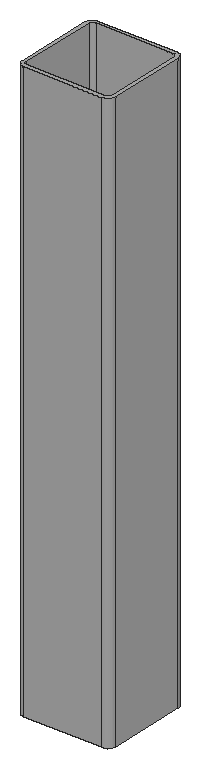
Revit family "Steel Column Rectangular and Square Hollow Sections", category Structural Columns, Revit 2015
Parameters (values of type "RHSS400x400x16")
  W = 1.8731
  Structural Material [instance] = Steel
  Assembly Code = ""
  Ht = 400 mm
  Shape = "Square"
  b = 400 mm
  kr = 2 * t  # 32 mm
  t = 16 mm
  A = 0.0243 m²
Reference planes
  plane 1 "Center (Front/Back)": y = 0
  plane 2: z = 0
  plane 3 "Center (Left/Right)": x = 0
  plane 4: x = -200
  plane 5: x = 200
  plane 6: y = 200
  plane 7: y = -200
  plane 8: x = -168
  plane 9: y = -168
  plane 10: y = 168
  plane 11: x = 168
Forms (mm)
  Extrusion 1, solid, material "Steel" <- "Structural Material", detail levels medium
    sketch origin (0, 0, 0) x (1, 0, 0) y (0, 1, 0)
      loop
        line (-200, 200) -> (-200, -200) -> (200, -200) -> (200, 200) -> (-200, 200)
      loop
        line (-184, 184) -> (-184, -184) -> (184, -184) -> (184, 184) -> (-184, 184)
    from 0 to 2500
  Extrusion 2, solid, material "Steel" <- "Structural Material", detail levels fine
    sketch origin (0, 0, 0) x (1, 0, 0) y (0, 1, 0)
      loop
        arc (-168, 200) -> (-190.627, 190.627) -> (-200, 168) r 32
        line (-200, 168) -> (-200, -168)
        arc (-200, -168) -> (-190.627, -190.627) -> (-168, -200) r 32
        line (-168, -200) -> (168, -200)
        arc (168, -200) -> (190.627, -190.627) -> (200, -168) r 32
        line (200, -168) -> (200, 168)
        arc (200, 168) -> (190.627, 190.627) -> (168, 200) r 32
        line (168, 200) -> (-168, 200)
      loop
        arc (-168, 184) -> (-179.314, 179.314) -> (-184, 168) r 16
        line (-184, 168) -> (-184, -168)
        arc (-184, -168) -> (-179.314, -179.314) -> (-168, -184) r 16
        line (-168, -184) -> (168, -184)
        arc (168, -184) -> (179.314, -179.314) -> (184, -168) r 16
        line (184, -168) -> (184, 168)
        arc (184, 168) -> (179.314, 179.314) -> (168, 184) r 16
        line (168, 184) -> (-168, 184)
    from 0 to 2500
Lines and regions (mm)
  symbolic lines, style "StructuralColumnStickSymbols", detail levels coarse
    curve 1: line (-200, 200, 0) -> (200, 200, 0)
    curve 2: line (-200, -200, 0) -> (200, -200, 0)
    curve 5: line (-200, 200, 0) -> (-200, -200, 0)
    curve 6: line (200, 200, 0) -> (200, -200, 0)
  symbolic lines, style "Hidden Faces", detail levels medium+fine
    curve 3: line (-184, 0, 0) -> (-184, 0, 2500)
    curve 4: line (184, 0, 2500) -> (184, 0, 0)
  model lines, style "Hidden Faces", detail levels medium+fine
    curve 7: line (0, -184, 2500) -> (0, -184, 0)
    curve 8: line (0, 184, 2500) -> (0, 184, 0)
Dimensions and locks
  equal spacing: plane 4, plane 3 "Center (Left/Right)", plane 5
  equal spacing: plane 7, plane 1 "Center (Front/Back)", plane 6
  "Ht": plane 7 to plane 6
  "b": plane 4 to plane 5
  "t": Extrusion 1 sketch curve to plane 5
  "t": plane 4 to Extrusion 1 sketch curve
  "t": Extrusion 1 sketch curve to plane 6
  "t": Extrusion 1 sketch curve to plane 7
  "t": Extrusion 2 sketch curve to plane 6
  "t": Extrusion 2 sketch curve to plane 5
  "t": plane 4 to Extrusion 2 sketch curve
  "t": Extrusion 2 sketch curve to plane 7
  "kr": plane 10 to plane 6
  "kr": plane 7 to plane 9
  "kr": plane 11 to plane 5
  "kr": plane 4 to plane 8
  aligned and locked: plane 6 to Extrusion 1 sketch curve
  aligned and locked: Extrusion 1 sketch curve to plane 7
  aligned and locked: Extrusion 1 sketch curve to plane 4
  aligned and locked: plane 5 to Extrusion 1 sketch curve
  aligned and locked: level to Extrusion 1
  aligned and locked: level to plane 2
  aligned and locked: Extrusion 1 to plane 2
  aligned and locked: curve 1 to Extrusion 2 sketch curve
  aligned and locked: Extrusion 2 sketch curve to Extrusion 1
  aligned and locked: level to Extrusion 2
  aligned and locked: curve 4 to Extrusion 2
  aligned and locked: Extrusion 2 to curve 3
  aligned and locked: level to curve 4
  aligned and locked: level to curve 3  (x2)
  aligned and locked: plane 2 to curve 4
  aligned and locked: level to curve 7  (x2)
  aligned and locked: level to curve 8  (x2)
  aligned and locked: curve 8 to Extrusion 1
  aligned and locked: curve 7 to Extrusion 1
  aligned and locked: Extrusion 2 to level
Automatic sketch dimensions
  Extrusion 2 sketch curve to plane 8 = 0 mm  (x4)
  Extrusion 2 sketch curve to plane 7 = 0 mm
  Extrusion 2 sketch curve to plane 11 = 0 mm
  Extrusion 2 sketch curve to plane 10 = 0 mm  (x2)
  Extrusion 2 sketch curve to plane 9 = 0 mm  (x2)
  curve 5 to plane 4 = 0 mm
  curve 2 to plane 5 = 0 mm
  curve 5 to plane 7 = 0 mm
  curve 5 to plane 6 = 0 mm
Types in the file's own list only (364): name | W | Ht | Shape | b | kr | t | A
  CFRR50x30x2 | 0.022653 | 50 mm | "Rectangular" | 30 mm | 4 mm | 2 mm | 0.00 m²
  CFRR50x30x2.5 | 0.027655 | 50 mm | "Rectangular" | 30 mm | 5 mm | 3 mm | 0.00 m²
  CFRR50x30x3 | 0.032362 | 50 mm | "Rectangular" | 30 mm | 6 mm | 3 mm | 0.00 m²
  CFRR50x30x4 | 0.041188 | 50 mm | "Rectangular" | 30 mm | 8 mm | 4 mm | 0.00 m²
  CFRR60x40x2 | 0.028733 | 60 mm | "Rectangular" | 40 mm | 4 mm | 2 mm | 0.00 m²
  CFRR60x40x2.5 | 0.035304 | 60 mm | "Rectangular" | 40 mm | 5 mm | 3 mm | 0.00 m²
  CFRR60x40x3 | 0.04158 | 60 mm | "Rectangular" | 40 mm | 6 mm | 3 mm | 0.00 m²
  CFRR60x40x4 | 0.053446 | 60 mm | "Rectangular" | 40 mm | 8 mm | 4 mm | 0.00 m²
  CFRR60x40x5 | 0.064332 | 60 mm | "Rectangular" | 40 mm | 10 mm | 5 mm | 0.00 m²
  CFRR70x50x2 | 0.034912 | 70 mm | "Rectangular" | 50 mm | 4 mm | 2 mm | 0.00 m²
  CFRR70x50x2.5 | 0.043051 | 70 mm | "Rectangular" | 50 mm | 5 mm | 3 mm | 0.00 m²
  CFRR70x50x3 | 0.050897 | 70 mm | "Rectangular" | 50 mm | 6 mm | 3 mm | 0.00 m²
  CFRR80x40x2.5 | 0.043051 | 80 mm | "Rectangular" | 40 mm | 5 mm | 3 mm | 0.00 m²
  CFRR80x40x3 | 0.050897 | 80 mm | "Rectangular" | 40 mm | 6 mm | 3 mm | 0.00 m²
  CFRR80x40x4 | 0.065803 | 80 mm | "Rectangular" | 40 mm | 8 mm | 4 mm | 0.00 m²
  CFRR80x40x5 | 0.080022 | 80 mm | "Rectangular" | 40 mm | 10 mm | 5 mm | 0.00 m²
  CFRR80x60x2 | 0.04109 | 80 mm | "Rectangular" | 60 mm | 4 mm | 2 mm | 0.00 m²
  CFRR80x60x2.5 | 0.0507 | 80 mm | "Rectangular" | 60 mm | 5 mm | 3 mm | 0.00 m²
  CFRR80x60x3 | 0.060115 | 80 mm | "Rectangular" | 60 mm | 6 mm | 3 mm | 0.00 m²
  CFRR80x60x4 | 0.078061 | 80 mm | "Rectangular" | 60 mm | 8 mm | 4 mm | 0.00 m²
  CFRR90x50x2.5 | 0.0507 | 90 mm | "Rectangular" | 50 mm | 5 mm | 3 mm | 0.00 m²
  CFRR90x50x3 | 0.060115 | 90 mm | "Rectangular" | 50 mm | 6 mm | 3 mm | 0.00 m²
  CFRR90x50x4 | 0.078061 | 90 mm | "Rectangular" | 50 mm | 8 mm | 4 mm | 0.00 m²
  CFRR90x50x5 | 0.095125 | 90 mm | "Rectangular" | 50 mm | 10 mm | 5 mm | 0.00 m²
  CFRR100x40x2.5 | 0.0507 | 100 mm | "Rectangular" | 40 mm | 5 mm | 3 mm | 0.00 m²
  CFRR100x40x4 | 0.078061 | 100 mm | "Rectangular" | 40 mm | 8 mm | 4 mm | 0.00 m²
  CFRR100x50x2.5 | 0.054525 | 100 mm | "Rectangular" | 50 mm | 5 mm | 3 mm | 0.00 m²
  CFRR100x50x3 | 0.064724 | 100 mm | "Rectangular" | 50 mm | 6 mm | 3 mm | 0.00 m²
  CFRR100x50x4 | 0.084239 | 100 mm | "Rectangular" | 50 mm | 8 mm | 4 mm | 0.00 m²
  CFRR100x50x5 | 0.102774 | 100 mm | "Rectangular" | 50 mm | 10 mm | 5 mm | 0.00 m²
  CFRR100x50x6.3 | 0.122681 | 100 mm | "Rectangular" | 50 mm | 13 mm | 6 mm | 0.00 m²
  CFRR100x60x2 | 0.047268 | 100 mm | "Rectangular" | 60 mm | 4 mm | 2 mm | 0.00 m²
  CFRR100x60x2.5 | 0.05835 | 100 mm | "Rectangular" | 60 mm | 5 mm | 3 mm | 0.00 m²
  CFRR100x60x3 | 0.069333 | 100 mm | "Rectangular" | 60 mm | 6 mm | 3 mm | 0.00 m²
  CFRR100x60x4 | 0.090417 | 100 mm | "Rectangular" | 60 mm | 8 mm | 4 mm | 0.00 m²
  CFRR100x60x5 | 0.110521 | 100 mm | "Rectangular" | 60 mm | 10 mm | 5 mm | 0.00 m²
  CFRR100x60x6.3 | 0.13239 | 100 mm | "Rectangular" | 60 mm | 13 mm | 6 mm | 0.00 m²
  CFRR100x80x3 | 0.078551 | 100 mm | "Rectangular" | 80 mm | 6 mm | 3 mm | 0.00 m²
  CFRR100x80x4 | 0.102676 | 100 mm | "Rectangular" | 80 mm | 8 mm | 4 mm | 0.00 m²
  CFRR100x80x5 | 0.125819 | 100 mm | "Rectangular" | 80 mm | 10 mm | 5 mm | 0.00 m²
  CFRR100x80x6 | 0.147982 | 100 mm | "Rectangular" | 80 mm | 12 mm | 6 mm | 0.00 m²
  CFRR120x60x3 | 0.078551 | 120 mm | "Rectangular" | 60 mm | 6 mm | 3 mm | 0.00 m²
  CFRR120x60x4 | 0.102676 | 120 mm | "Rectangular" | 60 mm | 8 mm | 4 mm | 0.00 m²
  CFRR120x60x5 | 0.125819 | 120 mm | "Rectangular" | 60 mm | 10 mm | 5 mm | 0.00 m²
  CFRR120x60x6.3 | 0.151807 | 120 mm | "Rectangular" | 60 mm | 13 mm | 6 mm | 0.00 m²
  CFRR120x80x3 | 0.08777 | 120 mm | "Rectangular" | 80 mm | 6 mm | 3 mm | 0.00 m²
  CFRR120x80x4 | 0.115032 | 120 mm | "Rectangular" | 80 mm | 8 mm | 4 mm | 0.00 m²
  CFRR120x80x5 | 0.141216 | 120 mm | "Rectangular" | 80 mm | 10 mm | 5 mm | 0.00 m²
  CFRR120x80x6 | 0.166419 | 120 mm | "Rectangular" | 80 mm | 12 mm | 6 mm | 0.00 m²
  CFRR120x80x6.3 | 0.171224 | 120 mm | "Rectangular" | 80 mm | 13 mm | 6 mm | 0.00 m²
  CFRR120x80x8 | 0.209568 | 120 mm | "Rectangular" | 80 mm | 16 mm | 8 mm | 0.00 m²
  CFRR140x70x4 | 0.12121 | 140 mm | "Rectangular" | 70 mm | 8 mm | 4 mm | 0.00 m²
  CFRR140x70x5 | 0.148963 | 140 mm | "Rectangular" | 70 mm | 10 mm | 5 mm | 0.00 m²
  CFRR140x80x3 | 0.096988 | 140 mm | "Rectangular" | 80 mm | 6 mm | 3 mm | 0.00 m²
  CFRR140x80x4 | 0.12729 | 140 mm | "Rectangular" | 80 mm | 8 mm | 4 mm | 0.00 m²
  CFRR140x80x5 | 0.156612 | 140 mm | "Rectangular" | 80 mm | 10 mm | 5 mm | 0.00 m²
  CFRR140x80x6 | 0.184855 | 140 mm | "Rectangular" | 80 mm | 12 mm | 6 mm | 0.00 m²
  CFRR140x80x6.3 | 0.190543 | 140 mm | "Rectangular" | 80 mm | 13 mm | 6 mm | 0.00 m²
  CFRR150x100x3 | 0.110815 | 150 mm | "Rectangular" | 100 mm | 6 mm | 3 mm | 0.00 m²
  CFRR150x100x4 | 0.145825 | 150 mm | "Rectangular" | 100 mm | 8 mm | 4 mm | 0.00 m²
  CFRR150x100x5 | 0.179756 | 150 mm | "Rectangular" | 100 mm | 10 mm | 5 mm | 0.00 m²
  CFRR150x100x6 | 0.212608 | 150 mm | "Rectangular" | 100 mm | 12 mm | 6 mm | 0.00 m²
  CFRR150x100x6.3 | 0.219669 | 150 mm | "Rectangular" | 100 mm | 13 mm | 6 mm | 0.00 m²
  CFRR150x100x8 | 0.271154 | 150 mm | "Rectangular" | 100 mm | 16 mm | 8 mm | 0.00 m²
  CFRR150x100x10 | 0.327542 | 150 mm | "Rectangular" | 100 mm | 20 mm | 10 mm | 0.00 m²
  CFRR160x80x4 | 0.139647 | 160 mm | "Rectangular" | 80 mm | 8 mm | 4 mm | 0.00 m²
  CFRR160x80x5 | 0.172009 | 160 mm | "Rectangular" | 80 mm | 10 mm | 5 mm | 0.00 m²
  CFRR160x80x6 | 0.203292 | 160 mm | "Rectangular" | 80 mm | 12 mm | 6 mm | 0.00 m²
  CFRR160x80x6.3 | 0.20996 | 160 mm | "Rectangular" | 80 mm | 13 mm | 6 mm | 0.00 m²
  CFRR160x80x8 | 0.258797 | 160 mm | "Rectangular" | 80 mm | 16 mm | 8 mm | 0.00 m²
  CFRR160x90x7.1 | 0.244284 | 160 mm | "Rectangular" | 90 mm | 14 mm | 7 mm | 0.00 m²
  CFRR180x100x5 | 0.202802 | 180 mm | "Rectangular" | 100 mm | 10 mm | 5 mm | 0.00 m²
  CFRR180x100x6 | 0.240263 | 180 mm | "Rectangular" | 100 mm | 12 mm | 6 mm | 0.00 m²
  CFRR180x100x6.3 | 0.248697 | 180 mm | "Rectangular" | 100 mm | 13 mm | 6 mm | 0.00 m²
  CFRR180x100x7.1 | 0.277038 | 180 mm | "Rectangular" | 100 mm | 14 mm | 7 mm | 0.00 m²
  CFRR180x100x8 | 0.308027 | 180 mm | "Rectangular" | 100 mm | 16 mm | 8 mm | 0.00 m²
  CFRR180x100x10 | 0.373633 | 180 mm | "Rectangular" | 100 mm | 20 mm | 10 mm | 0.00 m²
  CFRR200x80x6 | 0.240263 | 200 mm | "Rectangular" | 80 mm | 12 mm | 6 mm | 0.00 m²
  CFRR200x100x5 | 0.218198 | 200 mm | "Rectangular" | 100 mm | 10 mm | 5 mm | 0.00 m²
  CFRR200x100x6 | 0.258699 | 200 mm | "Rectangular" | 100 mm | 12 mm | 6 mm | 0.00 m²
  CFRR200x100x6.3 | 0.268114 | 200 mm | "Rectangular" | 100 mm | 13 mm | 6 mm | 0.00 m²
  CFRR200x100x8 | 0.332642 | 200 mm | "Rectangular" | 100 mm | 16 mm | 8 mm | 0.00 m²
  CFRR200x100x10 | 0.404426 | 200 mm | "Rectangular" | 100 mm | 20 mm | 10 mm | 0.01 m²
  CFRR200x120x5 | 0.233594 | 200 mm | "Rectangular" | 120 mm | 10 mm | 5 mm | 0.00 m²
  CFRR200x120x6 | 0.277234 | 200 mm | "Rectangular" | 120 mm | 12 mm | 6 mm | 0.00 m²
  CFRR200x120x6.3 | 0.287531 | 200 mm | "Rectangular" | 120 mm | 13 mm | 6 mm | 0.00 m²
  CFRR200x120x8 | 0.357256 | 200 mm | "Rectangular" | 120 mm | 16 mm | 8 mm | 0.00 m²
  CFRR200x120x10 | 0.435219 | 200 mm | "Rectangular" | 120 mm | 20 mm | 10 mm | 0.01 m²
  CFRR220x120x6 | 0.29567 | 220 mm | "Rectangular" | 120 mm | 12 mm | 6 mm | 0.00 m²
  CFRR220x120x8 | 0.381871 | 220 mm | "Rectangular" | 120 mm | 16 mm | 8 mm | 0.00 m²
  CFRR220x120x10 | 0.466012 | 220 mm | "Rectangular" | 120 mm | 20 mm | 10 mm | 0.01 m²
  CFRR250x150x5 | 0.295082 | 250 mm | "Rectangular" | 150 mm | 10 mm | 5 mm | 0.00 m²
  CFRR250x150x6 | 0.351078 | 250 mm | "Rectangular" | 150 mm | 12 mm | 6 mm | 0.00 m²
  CFRR250x150x6.3 | 0.365004 | 250 mm | "Rectangular" | 150 mm | 13 mm | 6 mm | 0.00 m²
  CFRR250x150x8 | 0.455715 | 250 mm | "Rectangular" | 150 mm | 16 mm | 8 mm | 0.01 m²
  CFRR250x150x10 | 0.558293 | 250 mm | "Rectangular" | 150 mm | 20 mm | 10 mm | 0.01 m²
  CFRR250x150x12.5 | 0.669598 | 250 mm | "Rectangular" | 150 mm | 25 mm | 13 mm | 0.01 m²
  CFRR260x140x6 | 0.351078 | 260 mm | "Rectangular" | 140 mm | 12 mm | 6 mm | 0.00 m²
  CFRR260x140x8 | 0.455715 | 260 mm | "Rectangular" | 140 mm | 16 mm | 8 mm | 0.01 m²
  CFRR260x140x10 | 0.558293 | 260 mm | "Rectangular" | 140 mm | 20 mm | 10 mm | 0.01 m²
  CFRR260x180x6 | 0.387951 | 260 mm | "Rectangular" | 180 mm | 12 mm | 6 mm | 0.01 m²
  CFRR260x180x8 | 0.504944 | 260 mm | "Rectangular" | 180 mm | 16 mm | 8 mm | 0.01 m²
  CFRR260x180x10 | 0.619878 | 260 mm | "Rectangular" | 180 mm | 20 mm | 10 mm | 0.01 m²
  CFRR300x100x5 | 0.295082 | 300 mm | "Rectangular" | 100 mm | 10 mm | 5 mm | 0.00 m²
  CFRR300x100x6 | 0.351078 | 300 mm | "Rectangular" | 100 mm | 12 mm | 6 mm | 0.00 m²
  CFRR300x100x8 | 0.455715 | 300 mm | "Rectangular" | 100 mm | 16 mm | 8 mm | 0.01 m²
  CFRR300x200x6 | 0.443359 | 300 mm | "Rectangular" | 200 mm | 12 mm | 6 mm | 0.01 m²
  CFRR300x200x6.3 | 0.461991 | 300 mm | "Rectangular" | 200 mm | 13 mm | 6 mm | 0.01 m²
  CFRR300x200x8 | 0.578887 | 300 mm | "Rectangular" | 200 mm | 16 mm | 8 mm | 0.01 m²
  CFRR300x200x10 | 0.712159 | 300 mm | "Rectangular" | 200 mm | 20 mm | 10 mm | 0.01 m²
  CFRR300x200x12.5 | 0.862005 | 300 mm | "Rectangular" | 200 mm | 25 mm | 13 mm | 0.01 m²
  CFRR400x200x6 | 0.535639 | 400 mm | "Rectangular" | 200 mm | 12 mm | 6 mm | 0.01 m²
  CFRR400x200x6.3 | 0.558881 | 400 mm | "Rectangular" | 200 mm | 13 mm | 6 mm | 0.01 m²
  CFRR400x200x8 | 0.70196 | 400 mm | "Rectangular" | 200 mm | 16 mm | 8 mm | 0.01 m²
  CFRR400x200x10 | 0.866025 | 400 mm | "Rectangular" | 200 mm | 20 mm | 10 mm | 0.01 m²
  CFRR400x200x12.5 | 1.054313 | 400 mm | "Rectangular" | 200 mm | 25 mm | 13 mm | 0.01 m²
  CFRS30x30x3 | 0.023144 | 30 mm | "Square" | 30 mm | 6 mm | 3 mm | 0.00 m²
  CFRS40x40x2 | 0.022653 | 40 mm | "Square" | 40 mm | 4 mm | 2 mm | 0.00 m²
  CFRS40x40x2.5 | 0.027655 | 40 mm | "Square" | 40 mm | 5 mm | 3 mm | 0.00 m²
  CFRS40x40x3 | 0.032362 | 40 mm | "Square" | 40 mm | 6 mm | 3 mm | 0.00 m²
  CFRS40x40x4 | 0.041188 | 40 mm | "Square" | 40 mm | 8 mm | 4 mm | 0.00 m²
  CFRS50x50x2 | 0.028733 | 50 mm | "Square" | 50 mm | 4 mm | 2 mm | 0.00 m²
  CFRS50x50x2.5 | 0.035304 | 50 mm | "Square" | 50 mm | 5 mm | 3 mm | 0.00 m²
  CFRS50x50x3 | 0.04158 | 50 mm | "Square" | 50 mm | 6 mm | 3 mm | 0.00 m²
  CFRS50x50x4 | 0.053446 | 50 mm | "Square" | 50 mm | 8 mm | 4 mm | 0.00 m²
  CFRS50x50x5 | 0.064332 | 50 mm | "Square" | 50 mm | 10 mm | 5 mm | 0.00 m²
  CFRS60x60x2.5 | 0.043051 | 60 mm | "Square" | 60 mm | 5 mm | 3 mm | 0.00 m²
  CFRS60x60x3 | 0.050897 | 60 mm | "Square" | 60 mm | 6 mm | 3 mm | 0.00 m²
  CFRS60x60x4 | 0.065803 | 60 mm | "Square" | 60 mm | 8 mm | 4 mm | 0.00 m²
  CFRS60x60x5 | 0.079728 | 60 mm | "Square" | 60 mm | 10 mm | 5 mm | 0.00 m²
  CFRS70x70x2 | 0.04109 | 70 mm | "Square" | 70 mm | 4 mm | 2 mm | 0.00 m²
  CFRS70x70x2.5 | 0.0507 | 70 mm | "Square" | 70 mm | 5 mm | 3 mm | 0.00 m²
  CFRS70x70x3 | 0.060115 | 70 mm | "Square" | 70 mm | 6 mm | 3 mm | 0.00 m²
  CFRS70x70x4 | 0.078061 | 70 mm | "Square" | 70 mm | 8 mm | 4 mm | 0.00 m²
  CFRS70x70x5 | 0.095125 | 70 mm | "Square" | 70 mm | 10 mm | 5 mm | 0.00 m²
  CFRS80x80x2.5 | 0.05835 | 80 mm | "Square" | 80 mm | 5 mm | 3 mm | 0.00 m²
  CFRS80x80x3 | 0.069333 | 80 mm | "Square" | 80 mm | 6 mm | 3 mm | 0.00 m²
  CFRS80x80x4 | 0.090417 | 80 mm | "Square" | 80 mm | 8 mm | 4 mm | 0.00 m²
  CFRS80x80x5 | 0.110521 | 80 mm | "Square" | 80 mm | 10 mm | 5 mm | 0.00 m²
  CFRS80x80x6.3 | 0.13239 | 80 mm | "Square" | 80 mm | 13 mm | 6 mm | 0.00 m²
  CFRS90x90x2.5 | 0.066097 | 90 mm | "Square" | 90 mm | 5 mm | 3 mm | 0.00 m²
  CFRS90x90x3 | 0.078551 | 90 mm | "Square" | 90 mm | 6 mm | 3 mm | 0.00 m²
  CFRS90x90x4 | 0.102676 | 90 mm | "Square" | 90 mm | 8 mm | 4 mm | 0.00 m²
  CFRS90x90x5 | 0.125819 | 90 mm | "Square" | 90 mm | 10 mm | 5 mm | 0.00 m²
  CFRS90x90x6 | 0.147982 | 90 mm | "Square" | 90 mm | 12 mm | 6 mm | 0.00 m²
  CFRS90x90x6.3 | 0.151807 | 90 mm | "Square" | 90 mm | 13 mm | 6 mm | 0.00 m²
  CFRS100x100x2.5 | 0.073746 | 100 mm | "Square" | 100 mm | 5 mm | 3 mm | 0.00 m²
  CFRS100x100x3 | 0.08777 | 100 mm | "Square" | 100 mm | 6 mm | 3 mm | 0.00 m²
  CFRS100x100x4 | 0.115032 | 100 mm | "Square" | 100 mm | 8 mm | 4 mm | 0.00 m²
  CFRS100x100x5 | 0.141216 | 100 mm | "Square" | 100 mm | 10 mm | 5 mm | 0.00 m²
  CFRS100x100x6 | 0.166419 | 100 mm | "Square" | 100 mm | 12 mm | 6 mm | 0.00 m²
  CFRS100x100x6.3 | 0.171224 | 100 mm | "Square" | 100 mm | 13 mm | 6 mm | 0.00 m²
  CFRS100x100x8 | 0.209568 | 100 mm | "Square" | 100 mm | 16 mm | 8 mm | 0.00 m²
  CFRS100x100x10 | 0.25056 | 100 mm | "Square" | 100 mm | 20 mm | 10 mm | 0.00 m²
  CFRS110x110x3 | 0.096988 | 110 mm | "Square" | 110 mm | 6 mm | 3 mm | 0.00 m²
  CFRS110x110x4 | 0.12729 | 110 mm | "Square" | 110 mm | 8 mm | 4 mm | 0.00 m²
  CFRS110x110x5 | 0.156612 | 110 mm | "Square" | 110 mm | 10 mm | 5 mm | 0.00 m²
  CFRS110x110x6 | 0.184855 | 110 mm | "Square" | 110 mm | 12 mm | 6 mm | 0.00 m²
  CFRS120x120x3 | 0.106206 | 120 mm | "Square" | 120 mm | 6 mm | 3 mm | 0.00 m²
  CFRS120x120x4 | 0.139647 | 120 mm | "Square" | 120 mm | 8 mm | 4 mm | 0.00 m²
  CFRS120x120x5 | 0.190935 | 120 mm | "Square" | 120 mm | 10 mm | 5 mm | 0.00 m²
  CFRS120x120x5.6 | 0.203292 | 120 mm | "Square" | 120 mm | 11 mm | 6 mm | 0.00 m²
  CFRS120x120x6 | 0.20996 | 120 mm | "Square" | 120 mm | 12 mm | 6 mm | 0.00 m²
  CFRS120x120x6.3 | 0.20996 | 120 mm | "Square" | 120 mm | 13 mm | 6 mm | 0.00 m²
  CFRS120x120x8 | 0.258797 | 120 mm | "Square" | 120 mm | 16 mm | 8 mm | 0.00 m²
  CFRS120x120x10 | 0.312146 | 120 mm | "Square" | 120 mm | 20 mm | 10 mm | 0.00 m²
  CFRS140x140x4 | 0.164261 | 140 mm | "Square" | 140 mm | 8 mm | 4 mm | 0.00 m²
  CFRS140x140x5 | 0.202802 | 140 mm | "Square" | 140 mm | 10 mm | 5 mm | 0.00 m²
  CFRS140x140x5.6 | 0.225455 | 140 mm | "Square" | 140 mm | 11 mm | 6 mm | 0.00 m²
  CFRS140x140x6 | 0.240263 | 140 mm | "Square" | 140 mm | 12 mm | 6 mm | 0.00 m²
  CFRS140x140x6.3 | 0.248697 | 140 mm | "Square" | 140 mm | 13 mm | 6 mm | 0.00 m²
  CFRS140x140x7.1 | 0.277038 | 140 mm | "Square" | 140 mm | 14 mm | 7 mm | 0.00 m²
  CFRS140x140x8 | 0.308027 | 140 mm | "Square" | 140 mm | 16 mm | 8 mm | 0.00 m²
  CFRS140x140x8.8 | 0.334799 | 140 mm | "Square" | 140 mm | 18 mm | 9 mm | 0.00 m²
  CFRS140x140x10 | 0.373633 | 140 mm | "Square" | 140 mm | 20 mm | 10 mm | 0.00 m²
  CFRS150x150x4 | 0.17652 | 150 mm | "Square" | 150 mm | 8 mm | 4 mm | 0.00 m²
  CFRS150x150x5 | 0.218198 | 150 mm | "Square" | 150 mm | 10 mm | 5 mm | 0.00 m²
  CFRS150x150x6 | 0.258699 | 150 mm | "Square" | 150 mm | 12 mm | 6 mm | 0.00 m²
  CFRS150x150x6.3 | 0.268114 | 150 mm | "Square" | 150 mm | 13 mm | 6 mm | 0.00 m²
  CFRS150x150x8 | 0.332642 | 150 mm | "Square" | 150 mm | 16 mm | 8 mm | 0.00 m²
  CFRS150x150x10 | 0.404426 | 150 mm | "Square" | 150 mm | 20 mm | 10 mm | 0.01 m²
  CFRS160x160x5 | 0.233594 | 160 mm | "Square" | 160 mm | 10 mm | 5 mm | 0.00 m²
  CFRS160x160x6 | 0.277234 | 160 mm | "Square" | 160 mm | 12 mm | 6 mm | 0.00 m²
  CFRS160x160x6.3 | 0.287531 | 160 mm | "Square" | 160 mm | 13 mm | 6 mm | 0.00 m²
  CFRS160x160x8 | 0.357256 | 160 mm | "Square" | 160 mm | 16 mm | 8 mm | 0.00 m²
  CFRS160x160x10 | 0.435219 | 160 mm | "Square" | 160 mm | 20 mm | 10 mm | 0.01 m²
  CFRS160x160x12.5 | 0.515732 | 160 mm | "Square" | 160 mm | 25 mm | 13 mm | 0.01 m²
  CFRS180x180x5 | 0.264387 | 180 mm | "Square" | 180 mm | 10 mm | 5 mm | 0.00 m²
  CFRS180x180x6 | 0.314107 | 180 mm | "Square" | 180 mm | 12 mm | 6 mm | 0.00 m²
  CFRS180x180x6.3 | 0.326267 | 180 mm | "Square" | 180 mm | 13 mm | 6 mm | 0.00 m²
  CFRS180x180x8 | 0.406486 | 180 mm | "Square" | 180 mm | 16 mm | 8 mm | 0.01 m²
  CFRS180x180x10 | 0.496805 | 180 mm | "Square" | 180 mm | 20 mm | 10 mm | 0.01 m²
  CFRS180x180x12.5 | 0.592714 | 180 mm | "Square" | 180 mm | 25 mm | 13 mm | 0.01 m²
  CFRS200x200x5 | 0.295082 | 200 mm | "Square" | 200 mm | 10 mm | 5 mm | 0.00 m²
  CFRS200x200x6 | 0.351078 | 200 mm | "Square" | 200 mm | 12 mm | 6 mm | 0.00 m²
  CFRS200x200x6.3 | 0.365004 | 200 mm | "Square" | 200 mm | 13 mm | 6 mm | 0.00 m²
  CFRS200x200x8 | 0.455715 | 200 mm | "Square" | 200 mm | 16 mm | 8 mm | 0.01 m²
  CFRS200x200x10 | 0.558293 | 200 mm | "Square" | 200 mm | 20 mm | 10 mm | 0.01 m²
  CFRS200x200x12.5 | 0.669598 | 200 mm | "Square" | 200 mm | 25 mm | 13 mm | 0.01 m²
  CFRS220x220x6 | 0.387951 | 220 mm | "Square" | 220 mm | 12 mm | 6 mm | 0.01 m²
  CFRS220x220x6.3 | 0.403838 | 220 mm | "Square" | 220 mm | 13 mm | 6 mm | 0.01 m²
  CFRS220x220x8 | 0.504944 | 220 mm | "Square" | 220 mm | 16 mm | 8 mm | 0.01 m²
  CFRS220x220x10 | 0.619878 | 220 mm | "Square" | 220 mm | 20 mm | 10 mm | 0.01 m²
  CFRS250x250x6 | 0.443359 | 250 mm | "Square" | 250 mm | 12 mm | 6 mm | 0.01 m²
  CFRS250x250x6.3 | 0.461991 | 250 mm | "Square" | 250 mm | 13 mm | 6 mm | 0.01 m²
  CFRS250x250x8 | 0.578887 | 250 mm | "Square" | 250 mm | 16 mm | 8 mm | 0.01 m²
  CFRS250x250x10 | 0.712159 | 250 mm | "Square" | 250 mm | 20 mm | 10 mm | 0.01 m²
  CFRS250x250x12.5 | 0.862005 | 250 mm | "Square" | 250 mm | 25 mm | 13 mm | 0.01 m²
  CFRS260x260x7.1 | 0.539268 | 260 mm | "Square" | 260 mm | 14 mm | 7 mm | 0.01 m²
  CFRS260x260x8.8 | 0.659791 | 260 mm | "Square" | 260 mm | 18 mm | 9 mm | 0.01 m²
  CFRS260x260x11 | 0.802969 | 260 mm | "Square" | 260 mm | 22 mm | 11 mm | 0.01 m²
  CFRS300x300x6 | 0.535639 | 300 mm | "Square" | 300 mm | 12 mm | 6 mm | 0.01 m²
  CFRS300x300x8 | 0.70196 | 300 mm | "Square" | 300 mm | 16 mm | 8 mm | 0.01 m²
  CFRS300x300x10 | 0.866025 | 300 mm | "Square" | 300 mm | 20 mm | 10 mm | 0.01 m²
  CFRS300x300x12.5 | 1.054313 | 300 mm | "Square" | 300 mm | 25 mm | 13 mm | 0.01 m²
  RHSR50x30x2.5 | 0.028341 | 50 mm | "Rectangular" | 30 mm | 5 mm | 3 mm | 0.00 m²
  RHSR50x30x3 | 0.033343 | 50 mm | "Rectangular" | 30 mm | 6 mm | 3 mm | 0.00 m²
  RHSR50x30x4 | 0.043051 | 50 mm | "Rectangular" | 30 mm | 8 mm | 4 mm | 0.00 m²
  RHSR60x40x3 | 0.042659 | 60 mm | "Rectangular" | 40 mm | 6 mm | 3 mm | 0.00 m²
  RHSR60x40x4 | 0.05531 | 60 mm | "Rectangular" | 40 mm | 8 mm | 4 mm | 0.00 m²
  RHSR70x40x4 | 0.061488 | 70 mm | "Rectangular" | 40 mm | 8 mm | 4 mm | 0.00 m²
  RHSR80x40x3 | 0.051877 | 80 mm | "Rectangular" | 40 mm | 6 mm | 3 mm | 0.00 m²
  RHSR80x40x4 | 0.067666 | 80 mm | "Rectangular" | 40 mm | 8 mm | 4 mm | 0.00 m²
  RHSR80x40x5 | 0.082278 | 80 mm | "Rectangular" | 40 mm | 10 mm | 5 mm | 0.00 m²
  RHSR90x50x3.6 | 0.072471 | 90 mm | "Rectangular" | 50 mm | 7 mm | 4 mm | 0.00 m²
  RHSR90x50x4 | 0.080022 | 90 mm | "Rectangular" | 50 mm | 8 mm | 4 mm | 0.00 m²
  RHSR90x50x5 | 0.097674 | 90 mm | "Rectangular" | 50 mm | 10 mm | 5 mm | 0.00 m²
  RHSR100x50x3 | 0.065705 | 100 mm | "Rectangular" | 50 mm | 6 mm | 3 mm | 0.00 m²
  RHSR100x50x3.6 | 0.077669 | 100 mm | "Rectangular" | 50 mm | 7 mm | 4 mm | 0.00 m²
  RHSR100x50x4 | 0.0862 | 100 mm | "Rectangular" | 50 mm | 8 mm | 4 mm | 0.00 m²
  RHSR100x50x5 | 0.105421 | 100 mm | "Rectangular" | 50 mm | 10 mm | 5 mm | 0.00 m²
  RHSR100x50x5.6 | 0.116895 | 100 mm | "Rectangular" | 50 mm | 11 mm | 6 mm | 0.00 m²
  RHSR100x50x6.3 | 0.130036 | 100 mm | "Rectangular" | 50 mm | 13 mm | 6 mm | 0.00 m²
  RHSR100x50x8 | 0.160045 | 100 mm | "Rectangular" | 50 mm | 16 mm | 8 mm | 0.00 m²
  RHSR100x60x3.6 | 0.083847 | 100 mm | "Rectangular" | 60 mm | 7 mm | 4 mm | 0.00 m²
  RHSR100x60x4 | 0.092281 | 100 mm | "Rectangular" | 60 mm | 8 mm | 4 mm | 0.00 m²
  RHSR100x60x5 | 0.113071 | 100 mm | "Rectangular" | 60 mm | 10 mm | 5 mm | 0.00 m²
  RHSR100x60x5.6 | 0.125427 | 100 mm | "Rectangular" | 60 mm | 11 mm | 6 mm | 0.00 m²
  RHSR100x60x6.3 | 0.139254 | 100 mm | "Rectangular" | 60 mm | 13 mm | 6 mm | 0.00 m²
  RHSR120x60x3.6 | 0.094634 | 120 mm | "Rectangular" | 60 mm | 7 mm | 4 mm | 0.00 m²
  RHSR120x60x4 | 0.104637 | 120 mm | "Rectangular" | 60 mm | 8 mm | 4 mm | 0.00 m²
  RHSR120x60x5 | 0.128467 | 120 mm | "Rectangular" | 60 mm | 10 mm | 5 mm | 0.00 m²
  RHSR120x60x6.3 | 0.15926 | 120 mm | "Rectangular" | 60 mm | 13 mm | 6 mm | 0.00 m²
  RHSR120x80x4 | 0.116895 | 120 mm | "Rectangular" | 80 mm | 8 mm | 4 mm | 0.00 m²
  RHSR120x80x5 | 0.143864 | 120 mm | "Rectangular" | 80 mm | 10 mm | 5 mm | 0.00 m²
  RHSR120x80x6.3 | 0.178481 | 120 mm | "Rectangular" | 80 mm | 13 mm | 6 mm | 0.00 m²
  RHSR120x80x8 | 0.221532 | 120 mm | "Rectangular" | 80 mm | 16 mm | 8 mm | 0.00 m²
  RHSR140x70x4 | 0.123073 | 140 mm | "Rectangular" | 70 mm | 8 mm | 4 mm | 0.00 m²
  RHSR140x70x5 | 0.151513 | 140 mm | "Rectangular" | 70 mm | 10 mm | 5 mm | 0.00 m²
  RHSR140x70x6.3 | 0.187699 | 140 mm | "Rectangular" | 70 mm | 13 mm | 6 mm | 0.00 m²
  RHSR140x80x4 | 0.129252 | 140 mm | "Rectangular" | 80 mm | 8 mm | 4 mm | 0.00 m²
  RHSR140x80x6.3 | 0.197702 | 140 mm | "Rectangular" | 80 mm | 13 mm | 6 mm | 0.00 m²
  RHSR150x100x4 | 0.147688 | 150 mm | "Rectangular" | 100 mm | 8 mm | 4 mm | 0.00 m²
  RHSR150x100x5 | 0.182306 | 150 mm | "Rectangular" | 100 mm | 10 mm | 5 mm | 0.00 m²
  RHSR150x100x6.3 | 0.226926 | 150 mm | "Rectangular" | 100 mm | 13 mm | 6 mm | 0.00 m²
  RHSR150x100x8 | 0.283118 | 150 mm | "Rectangular" | 100 mm | 16 mm | 8 mm | 0.00 m²
  RHSR150x100x10 | 0.34539 | 150 mm | "Rectangular" | 100 mm | 20 mm | 10 mm | 0.00 m²
  RHSR160x80x4 | 0.14151 | 160 mm | "Rectangular" | 80 mm | 8 mm | 4 mm | 0.00 m²
  RHSR160x80x5 | 0.174656 | 160 mm | "Rectangular" | 80 mm | 10 mm | 5 mm | 0.00 m²
  RHSR160x80x6.3 | 0.270762 | 160 mm | "Rectangular" | 80 mm | 13 mm | 6 mm | 0.00 m²
  RHSR160x80x8 | 0.330092 | 160 mm | "Rectangular" | 80 mm | 16 mm | 8 mm | 0.00 m²
  RHSR160x80x10 | 0.182306 | 160 mm | "Rectangular" | 80 mm | 20 mm | 10 mm | 0.00 m²
  RHSR160x90x5 | 0.182306 | 160 mm | "Rectangular" | 90 mm | 10 mm | 5 mm | 0.00 m²
  RHSR160x90x7.1 | 0.25311 | 160 mm | "Rectangular" | 90 mm | 14 mm | 7 mm | 0.00 m²
  RHSR160x90x8 | 0.283118 | 160 mm | "Rectangular" | 90 mm | 16 mm | 8 mm | 0.00 m²
  RHSR180x100x5.6 | 0.229279 | 180 mm | "Rectangular" | 100 mm | 11 mm | 6 mm | 0.00 m²
  RHSR180x100x6.3 | 0.25615 | 180 mm | "Rectangular" | 100 mm | 13 mm | 6 mm | 0.00 m²
  RHSR180x100x7.1 | 0.286158 | 180 mm | "Rectangular" | 100 mm | 14 mm | 7 mm | 0.00 m²
  RHSR180x100x8 | 0.320089 | 180 mm | "Rectangular" | 100 mm | 16 mm | 8 mm | 0.00 m²
  RHSR180x100x10 | 0.39158 | 180 mm | "Rectangular" | 100 mm | 20 mm | 10 mm | 0.01 m²
  RHSR200x100x5 | 0.220846 | 200 mm | "Rectangular" | 100 mm | 10 mm | 5 mm | 0.00 m²
  RHSR200x100x6.3 | 0.275469 | 200 mm | "Rectangular" | 100 mm | 13 mm | 6 mm | 0.00 m²
  RHSR200x100x8 | 0.344704 | 200 mm | "Rectangular" | 100 mm | 16 mm | 8 mm | 0.00 m²
  RHSR200x100x10 | 0.422372 | 200 mm | "Rectangular" | 100 mm | 20 mm | 10 mm | 0.01 m²
  RHSR200x100x12.5 | 0.516222 | 200 mm | "Rectangular" | 100 mm | 25 mm | 13 mm | 0.01 m²
  RHSR200x120x6.3 | 0.29469 | 200 mm | "Rectangular" | 120 mm | 13 mm | 6 mm | 0.00 m²
  RHSR200x120x8 | 0.369318 | 200 mm | "Rectangular" | 120 mm | 16 mm | 8 mm | 0.00 m²
  RHSR200x120x10 | 0.453165 | 200 mm | "Rectangular" | 120 mm | 20 mm | 10 mm | 0.01 m²
  RHSR220x120x6.3 | 0.313911 | 220 mm | "Rectangular" | 120 mm | 13 mm | 6 mm | 0.00 m²
  RHSR220x120x8 | 0.393933 | 220 mm | "Rectangular" | 120 mm | 16 mm | 8 mm | 0.01 m²
  RHSR220x120x10 | 0.483958 | 220 mm | "Rectangular" | 120 mm | 20 mm | 10 mm | 0.01 m²
  RHSR250x150x6.3 | 0.372359 | 250 mm | "Rectangular" | 150 mm | 13 mm | 6 mm | 0.00 m²
  RHSR250x150x8 | 0.467777 | 250 mm | "Rectangular" | 150 mm | 16 mm | 8 mm | 0.01 m²
  RHSR250x150x10 | 0.576239 | 250 mm | "Rectangular" | 150 mm | 20 mm | 10 mm | 0.01 m²
  RHSR250x150x12.5 | 0.70853 | 250 mm | "Rectangular" | 150 mm | 25 mm | 13 mm | 0.01 m²
  RHSR260x140x6.3 | 0.372359 | 260 mm | "Rectangular" | 140 mm | 13 mm | 6 mm | 0.00 m²
  RHSR260x140x8 | 0.467777 | 260 mm | "Rectangular" | 140 mm | 16 mm | 8 mm | 0.01 m²
  RHSR300x200x6.3 | 0.469248 | 300 mm | "Rectangular" | 200 mm | 13 mm | 6 mm | 0.01 m²
  RHSR300x200x8 | 0.590851 | 300 mm | "Rectangular" | 200 mm | 16 mm | 8 mm | 0.01 m²
  RHSR300x200x10 | 0.730105 | 300 mm | "Rectangular" | 200 mm | 20 mm | 10 mm | 0.01 m²
  RHSR300x200x12.5 | 0.900152 | 300 mm | "Rectangular" | 200 mm | 25 mm | 13 mm | 0.01 m²
  RHSR400x200x10 | 0.884756 | 400 mm | "Rectangular" | 200 mm | 20 mm | 10 mm | 0.01 m²
  RHSR400x200x12.5 | 1.092461 | 400 mm | "Rectangular" | 200 mm | 25 mm | 13 mm | 0.01 m²
  RHSR400x200x16 | 1.377148 | 400 mm | "Rectangular" | 200 mm | 32 mm | 16 mm | 0.02 m²
  RHSR400x250x10 | 1.038622 | 400 mm | "Rectangular" | 250 mm | 20 mm | 10 mm | 0.01 m²
  RHSR400x250x12.5 | 1.284769 | 400 mm | "Rectangular" | 250 mm | 25 mm | 13 mm | 0.02 m²
  RHSR400x250x16 | 1.623295 | 400 mm | "Rectangular" | 250 mm | 32 mm | 16 mm | 0.02 m²
  RHSS40x40x2.5 | 0.028341 | 40 mm | "Square" | 40 mm | 5 mm | 3 mm | 0.00 m²
  RHSS40x40x3 | 0.033441 | 40 mm | "Square" | 40 mm | 6 mm | 3 mm | 0.00 m²
  RHSS40x40x4 | 0.043051 | 40 mm | "Square" | 40 mm | 8 mm | 4 mm | 0.00 m²
  RHSS50x50x3 | 0.042659 | 50 mm | "Square" | 50 mm | 6 mm | 3 mm | 0.00 m²
  RHSS50x50x4 | 0.05531 | 50 mm | "Square" | 50 mm | 8 mm | 4 mm | 0.00 m²
  RHSS50x50x5 | 0.067176 | 50 mm | "Square" | 50 mm | 10 mm | 5 mm | 0.00 m²
  RHSS60x60x3 | 0.051877 | 60 mm | "Square" | 60 mm | 6 mm | 3 mm | 0.00 m²
  RHSS60x60x4 | 0.067666 | 60 mm | "Square" | 60 mm | 8 mm | 4 mm | 0.00 m²
  RHSS60x60x5 | 0.082572 | 60 mm | "Square" | 60 mm | 10 mm | 5 mm | 0.00 m²
  RHSS70x70x3 | 0.061193 | 70 mm | "Square" | 70 mm | 6 mm | 3 mm | 0.00 m²
  RHSS70x70x3.6 | 0.072569 | 70 mm | "Square" | 70 mm | 7 mm | 4 mm | 0.00 m²
  RHSS70x70x4 | 0.079924 | 70 mm | "Square" | 70 mm | 8 mm | 4 mm | 0.00 m²
  RHSS70x70x5 | 0.097968 | 70 mm | "Square" | 70 mm | 10 mm | 5 mm | 0.00 m²
  RHSS80x80x3 | 0.070412 | 80 mm | "Square" | 80 mm | 6 mm | 3 mm | 0.00 m²
  RHSS80x80x3.6 | 0.083651 | 80 mm | "Square" | 80 mm | 7 mm | 4 mm | 0.00 m²
  RHSS80x80x4 | 0.092281 | 80 mm | "Square" | 80 mm | 8 mm | 4 mm | 0.00 m²
  RHSS80x80x5 | 0.113757 | 80 mm | "Square" | 80 mm | 10 mm | 5 mm | 0.00 m²
  RHSS80x80x6.3 | 0.139254 | 80 mm | "Square" | 80 mm | 13 mm | 6 mm | 0.00 m²
  RHSS80x80x7.1 | 0.154945 | 80 mm | "Square" | 80 mm | 14 mm | 7 mm | 0.00 m²
  RHSS90x90x3.6 | 0.094732 | 90 mm | "Square" | 90 mm | 7 mm | 4 mm | 0.00 m²
  RHSS90x90x4 | 0.104931 | 90 mm | "Square" | 90 mm | 8 mm | 4 mm | 0.00 m²
  RHSS90x90x5 | 0.128467 | 90 mm | "Square" | 90 mm | 10 mm | 5 mm | 0.00 m²
  RHSS90x90x6.3 | 0.158868 | 90 mm | "Square" | 90 mm | 13 mm | 6 mm | 0.00 m²
  RHSS100x100x4 | 0.116699 | 100 mm | "Square" | 100 mm | 8 mm | 4 mm | 0.00 m²
  RHSS100x100x5 | 0.144158 | 100 mm | "Square" | 100 mm | 10 mm | 5 mm | 0.00 m²
  RHSS100x100x6.3 | 0.178481 | 100 mm | "Square" | 100 mm | 13 mm | 6 mm | 0.00 m²
  RHSS100x100x8 | 0.22163 | 100 mm | "Square" | 100 mm | 16 mm | 8 mm | 0.00 m²
  RHSS100x100x10 | 0.268702 | 100 mm | "Square" | 100 mm | 20 mm | 10 mm | 0.00 m²
  RHSS120x120x4.5 | 0.157887 | 120 mm | "Square" | 120 mm | 9 mm | 5 mm | 0.00 m²
  RHSS120x120x5 | 0.174558 | 120 mm | "Square" | 120 mm | 10 mm | 5 mm | 0.00 m²
  RHSS120x120x6.3 | 0.217708 | 120 mm | "Square" | 120 mm | 13 mm | 6 mm | 0.00 m²
  RHSS120x120x8 | 0.270664 | 120 mm | "Square" | 120 mm | 16 mm | 8 mm | 0.00 m²
  RHSS120x120x10 | 0.330484 | 120 mm | "Square" | 120 mm | 20 mm | 10 mm | 0.00 m²
  RHSS140x140x5 | 0.20594 | 140 mm | "Square" | 140 mm | 10 mm | 5 mm | 0.00 m²
  RHSS140x140x6.3 | 0.255954 | 140 mm | "Square" | 140 mm | 13 mm | 6 mm | 0.00 m²
  RHSS140x140x8 | 0.319697 | 140 mm | "Square" | 140 mm | 16 mm | 8 mm | 0.00 m²
  RHSS140x140x10 | 0.392266 | 140 mm | "Square" | 140 mm | 20 mm | 10 mm | 0.01 m²
  RHSS150x150x5 | 0.22163 | 150 mm | "Square" | 150 mm | 10 mm | 5 mm | 0.00 m²
  RHSS150x150x6.3 | 0.275567 | 150 mm | "Square" | 150 mm | 13 mm | 6 mm | 0.00 m²
  RHSS150x150x8 | 0.344213 | 150 mm | "Square" | 150 mm | 16 mm | 8 mm | 0.00 m²
  RHSS150x150x10 | 0.422667 | 150 mm | "Square" | 150 mm | 20 mm | 10 mm | 0.01 m²
  RHSS160x160x6.3 | 0.29518 | 160 mm | "Square" | 160 mm | 13 mm | 6 mm | 0.00 m²
  RHSS160x160x8 | 0.36873 | 160 mm | "Square" | 160 mm | 16 mm | 8 mm | 0.00 m²
  RHSS160x160x10 | 0.454048 | 160 mm | "Square" | 160 mm | 20 mm | 10 mm | 0.01 m²
  RHSS180x180x6.3 | 0.333426 | 180 mm | "Square" | 180 mm | 13 mm | 6 mm | 0.00 m²
  RHSS180x180x8 | 0.418744 | 180 mm | "Square" | 180 mm | 16 mm | 8 mm | 0.01 m²
  RHSS180x180x10 | 0.514849 | 180 mm | "Square" | 180 mm | 20 mm | 10 mm | 0.01 m²
  RHSS200x200x6.3 | 0.372653 | 200 mm | "Square" | 200 mm | 13 mm | 6 mm | 0.00 m²
  RHSS200x200x8 | 0.467777 | 200 mm | "Square" | 200 mm | 16 mm | 8 mm | 0.01 m²
  RHSS200x200x10 | 0.576631 | 200 mm | "Square" | 200 mm | 20 mm | 10 mm | 0.01 m²
  RHSS200x200x12.5 | 0.709021 | 200 mm | "Square" | 200 mm | 25 mm | 13 mm | 0.01 m²
  RHSS200x200x16 | 0.88554 | 200 mm | "Square" | 200 mm | 32 mm | 16 mm | 0.01 m²
  RHSS220x220x6.3 | 0.410899 | 220 mm | "Square" | 220 mm | 13 mm | 6 mm | 0.01 m²
  RHSS220x220x10 | 0.638413 | 220 mm | "Square" | 220 mm | 20 mm | 10 mm | 0.01 m²
  RHSS250x250x6.3 | 0.469739 | 250 mm | "Square" | 250 mm | 13 mm | 6 mm | 0.01 m²
  RHSS250x250x8 | 0.591341 | 250 mm | "Square" | 250 mm | 16 mm | 8 mm | 0.01 m²
  RHSS250x250x10 | 0.730595 | 250 mm | "Square" | 250 mm | 20 mm | 10 mm | 0.01 m²
  RHSS250x250x12.5 | 0.901231 | 250 mm | "Square" | 250 mm | 25 mm | 13 mm | 0.01 m²
  RHSS250x250x16 | 1.127765 | 250 mm | "Square" | 250 mm | 32 mm | 16 mm | 0.01 m²
  RHSS300x300x10 | 0.88456 | 300 mm | "Square" | 300 mm | 20 mm | 10 mm | 0.01 m²
  RHSS300x300x12.5 | 1.098345 | 300 mm | "Square" | 300 mm | 25 mm | 13 mm | 0.01 m²
  RHSS300x300x16 | 1.382738 | 300 mm | "Square" | 300 mm | 32 mm | 16 mm | 0.02 m²
  RHSS350x350x10 | 1.039505 | 350 mm | "Square" | 350 mm | 20 mm | 10 mm | 0.01 m²
  RHSS350x350x12.5 | 1.284671 | 350 mm | "Square" | 350 mm | 25 mm | 13 mm | 0.02 m²
  RHSS350x350x16 | 1.627904 | 350 mm | "Square" | 350 mm | 32 mm | 16 mm | 0.02 m²
  RHSS400x400x10 | 1.196411 | 400 mm | "Square" | 400 mm | 20 mm | 10 mm | 0.02 m²
  RHSS400x400x12.5 | 1.480804 | 400 mm | "Square" | 400 mm | 25 mm | 13 mm | 0.02 m²
